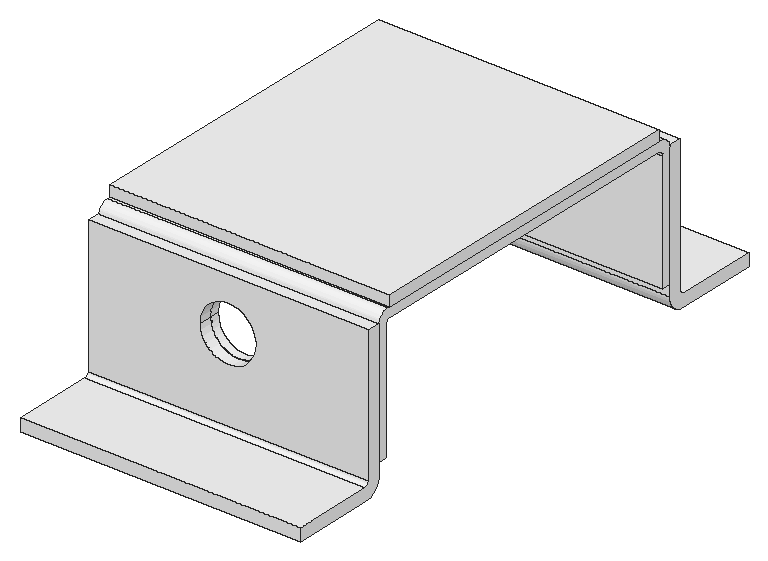
Revit family "kobaikun", category 機械設備, Revit 2022
Family settings
  丸型コネクタ寸法 = 直径を使用
  種別 = なし
  パーツ タイプ = 標準
  作業面ベース = いいえ
  常に垂直 = はい
  ロード時にボイドで切り取り = いいえ
  注釈の向きを維持 = いいえ
  共有 = いいえ
  部屋計算ポイント = いいえ
Parameters
  製造元 = "株式会社桐井製作所"
  既定の高さ = 0 mm
  URL = "https://www.kirii.co.jp/"
  K_角度 [instance] = 90.00°
  K_表面処理 = "JIS H 8610　電気亜鉛めっき1級以上　JIS H 8625 1級CM1A以上"
  K_材質 = "軟質鋼材 JIS G 3505 同等以上"
  K_名称 = "勾配くん"
  K_単位質量(kg/個) = 0.195
  K_バージョン情報 = "20230413"
Reference planes
  plane 1 "中心(正面/背面)": y = 0
  plane 2: z = 0
  plane 3 "中心(左/右)": x = 0
Forms (mm)
  Extrusion 1, void
    sketch origin (0, 2.5, 0) x (1, 0, 0) y (0, 0, 1)
      loop
        circle (0, 0) r 5
    from 35 to 37.3
  Extrusion 2, solid
    sketch origin (0, 0, 0) x (0, 1, 0) y (0, 0, 1)
      loop
        line (-34.8, 9.4) -> (-34.8, -14.8)
        arc (-34.8, -14.8) -> (-35.005, -15.295) -> (-35.5, -15.5) r 0.7
        line (-35.5, -15.5) -> (-50, -15.5) -> (-50, -17.8) -> (-35.5, -17.8)
        arc (-35.5, -17.8) -> (-33.379, -16.921) -> (-32.5, -14.8) r 3
        line (-32.5, -14.8) -> (-32.5, 9.4) -> (-34.8, 9.4)
    from -25 to 25
  Extrusion 3, void
    sketch origin (0, -2.5, 0) x (1, 0, 0) y (0, 0, -1)
      loop
        circle (0, 0) r 5
    from 35 to 37.3
  Extrusion 4, solid
    sketch origin (-0.1, 0, -0.1) x (0, -1, 0) y (0, 0, -1)
      loop
        line (-34.8, -9.5) -> (-32.5, -9.5) -> (-32.5, 14.7)
        arc (-32.5, 14.7) -> (-33.379, 16.821) -> (-35.5, 17.7) r 3
        line (-35.5, 17.7) -> (-50, 17.7) -> (-50, 15.4) -> (-35.5, 15.4)
        arc (-35.5, 15.4) -> (-35.005, 15.195) -> (-34.8, 14.7) r 0.7
        line (-34.8, 14.7) -> (-34.8, -9.5)
    from -24.9 to 25.1
Cuts and joins
  Extrusion 1 cuts Extrusion 2
  Extrusion 3 cuts Extrusion 4
Dimensions and locks
  aligned and locked: level to plane 2
Nested families
  nested 1: "勾配くん_クッションゴム付金具" at (0, 0, 0), type "勾配くん_クッションゴム付金具"
    with K_角度 90.00°
Definition of nested family "勾配くん_クッションゴム付金具"
  Parameters (values of type "勾配くん_クッションゴム付金具")
    Manufacturer = "株式会社桐井製作所"
    Default Elevation = 0 mm
    URL = "https://www.kirii.co.jp/"
    K_角度 [instance] = 90.00°
    K_名称 = "勾配くん_クッションゴム付金具"
    K_バージョン情報 = "20230328"
  Reference planes
    plane 1 "中心(正面/背面)": y = 0
    plane 2: z = 0
    plane 3 "中心(左/右)": x = 0
  Forms (mm)
    Extrusion 1, solid
      sketch origin (0, 0, -17.8) x (0, 1, 0) y (0, 0, 1)
        loop
          line (-32.5, 26.8) -> (-32.5, 26) -> (-32.5, 5) -> (-30.9, 5) -> (-30.9, 26.2)
          arc (-30.9, 26.2) -> (-30.607, 26.907) -> (-29.9, 27.2) r 1
          line (-29.9, 27.2) -> (29.9, 27.2)
          arc (29.9, 27.2) -> (30.607, 26.907) -> (30.9, 26.2) r 1
          line (30.9, 26.2) -> (30.9, 5) -> (32.5, 5) -> (32.5, 26.8)
          arc (32.5, 26.8) -> (31.914, 28.214) -> (30.5, 28.8) r 2
          line (30.5, 28.8) -> (-30.5, 28.8)
          arc (-30.5, 28.8) -> (-31.914, 28.214) -> (-32.5, 26.8) r 2
      from -25 to 25
    Extrusion 2, void
      sketch origin (0, 0, -17.8) x (1, 0, 0) y (0, 0, 1)
        loop
          circle (0, 17.8) r 5
      from 30.9 to 32.5
    Extrusion 3, solid
      sketch origin (0, 0, -17.8) x (0, 1, 0) y (0, 0, 1)
        loop
          line (-30, 30.8) -> (-30, 28.8) -> (30, 28.8) -> (30, 30.8) -> (-30, 30.8)
      from -25 to 25
    Extrusion 4, void
      sketch origin (0, 63.4, -17.8) x (1, 0, 0) y (0, 0, 1)
        loop
          circle (0, 17.8) r 5
      from 30.9 to 32.5
  Cuts and joins
    Extrusion 2, Extrusion 4 cuts Extrusion 1
  Dimensions and locks
    aligned and locked: level to plane 2
